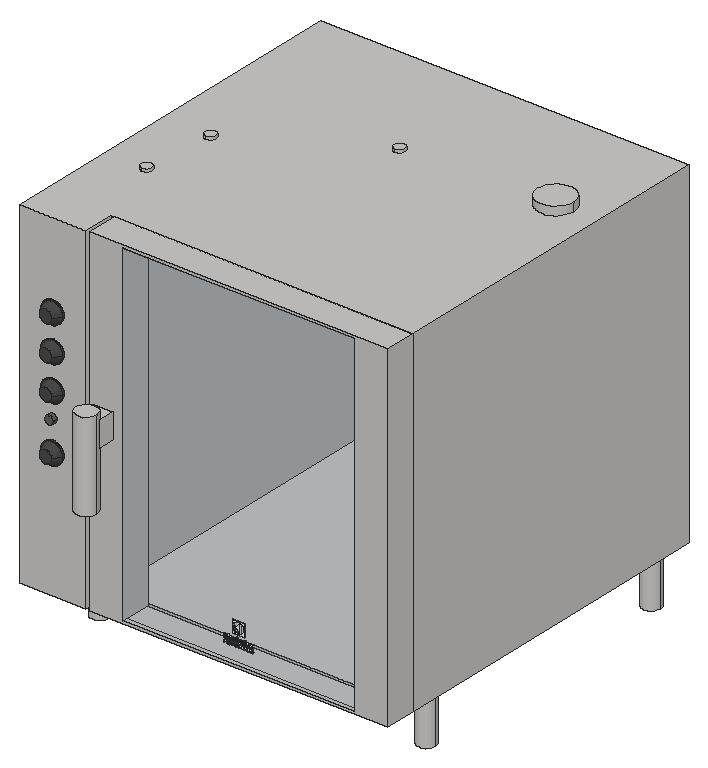
Revit family "QF_ELECTROLUXPROFESSIONAL_260691_EFCE11SSDS", category Attrezzature speciali, Revit 2018
Family settings
  Quota connettore circolare = Usa diametro
  Tipo di parte = Normale
  Basato su piano di lavoro = No
  Sempre verticale = Sì
  Taglio con vuoti quando caricato = No
  Condiviso = No
  Punto di calcolo locali = No
Parameters (values of type "Standard")
  Weight = 121.20 kg
  Watts = 17300 W
  Volts = 380 V
  URL Manufacturer = "https://www.electroluxprofessional.com/"
  URL = "https://www.electroluxprofessional.com/"
  Steam Supply Size = 0 mm
  Steam Supply Minimum Pressure = 0.0 Pa
  Steam Supply Maximum Pressure = 0.0 Pa
  Steam Consumption per Hour = 0
  Show Logo [instance] = yes
  Show Clearance [instance] = yes
  Refrigeration Suction Line Size = 0 mm
  Refrigeration Liquid Line Size = 0 mm
  Refrigerant Compressor Remote = yes
  Produttore = "Electrolux Professional"
  Phase = 3
  Modello = "EFCE11SSDS"
  Length Actual = 890 mm  # constant formula
  Item Number = "260691"
  Hot Water Size = 0 mm
  Height Actual = 970 mm  # constant formula
  HP = "23.2 HP"
  Gas Size = 0 mm
  Gas KW = 0
  Gas Input Pressure = 0 W
  Direct Waste Size = 25 mm
  Descrizione = "CONVECTION OVEN CW 10 GN 1/1 - ELECTRIC - SMART STEAM"
  Depth Actual = 900 mm  # constant formula
  Cycle = 50 Hz
  Condensate Return Size = 0 mm
  Compressed Air Volume = 0.0 L/s
  Compressed Air Size = 0 mm
  Compressed Air Pressure = 0.0 Pa
  Cold Water Size = 19.05 mm
  Accessory = yes
Types (2, lengths in mm): name | URL | Produttore | Phase | Modello | Direct Waste Size | Descrizione | Cold Water Size
  (no name) | 0 | 0 | 0 | 0 | 0 | 0 | 0
  Standard | "https://www.electroluxprofessional.com/" | "Electrolux Professional" | 3 | "EFCE11SSDS" | 25 | "CONVECTION OVEN CW 10 GN 1/1 - ELECTRIC - SMART STEAM" | 19.05
Values of the unnamed type that differ from the named types
  Weight = 0.00 kg
  Watts = 0 W
  Volts = 0 V
  URL Manufacturer = ""
  Item Number = ""
  HP = ""
  Cycle = 0 Hz
Reference planes
  plane 1 "Center X": y = 24.851
  plane 2: z = 0
  plane 3 "Center Y": x = -315
  plane 4 "LEFT": x = -760
  plane 5 "BACK": y = 479.851
  plane 6 "RIGHT": x = 130
  plane 7 "FRONT": y = -430.149
  plane 8: x = -710
  plane 9: y = 421.851
  plane 10: y = -355.149
  plane 11: x = 80
  plane 12: y = -1111.149
  plane 13: z = 130
  plane 14 "Center Z": z = 950
  plane 15: z = 0
Forms (mm)
  Extrusion 1, solid, material "QF_Finishes_Stainless Steel"
    sketch origin (0, 0, 950) x (-1, 0, 0) y (0, -1, 0)
      loop
        line (760, -479.851) -> (760, 430.149) -> (600, 430.149) -> (600, 355.149) -> (-130, 355.149) -> (-130, -479.851) -> (760, -479.851)
    from 0 to -820
  Extrusion 2, solid, material "QF_Finishes_Stainless Steel"
    sketch origin (0, -430.149, -670) x (-1, 0, 0) y (0, 0, 1)
      loop
        line (590, 1620) -> (-130, 1620) -> (-130, 800) -> (590, 800) -> (590, 1620)
      loop
        line (510, 1615) -> (-50, 1615) -> (-50, 805) -> (510, 805) -> (510, 1615)
    from 0 to 75
  Extrusion 3, solid, material "QF_Finishes_Glass"
    sketch origin (0, -430.149, -670) x (-1, 0, 0) y (0, 0, 1)
      loop
        line (-50, 1615) -> (-50, 805) -> (510, 805) -> (510, 1615) -> (-50, 1615)
    from 0 to 9.69
  Extrusion 4, solid, material "QF_Finishes_Stainless Steel"
    sketch origin (-1, -265, 955) x (0, -1, 0) y (-1, 0, 0)
      loop
        circle (-265.851, 643) r 13.25
    from 0 to 5
  Extrusion 5, solid, material "QF_Door-Drawer Clearances", visible <- "Show Clearance", detail levels coarse
    sketch origin (0, 0, 950) x (-1, 0, 0) y (0, -1, 0)
      loop
        arc (590, 430.149) -> (362.228, 910.45) -> (-130, 1111.149) r 734.22
        line (-130, 1111.149) -> (-130, 430.149) -> (590, 430.149)
    from -820 to 0
  Extrusion 6, solid, material "QF_Finishes_Black"
    sketch origin (24, -430.149, -766.676) x (-1, 0, 0) y (0, 0, 1)
      loop
        circle (704, 1512.5) r 26.676
    from 0 to -3
  Blend 7, solid, material "QF_Finishes_Black"
    base sketch origin (-21, -430.149, -766.676) x (1, 0, 0) y (0, 0, 1)
      loop
        circle (-659, 1512.5) r 25
    top sketch origin (-21, -430.149, -766.676) x (1, 0, 0) y (0, 0, 1)
      loop
        circle (-659, 1512.5) r 15
    from 3 to 21.442
  Extrusion 8, solid, material "QF_Finishes_Black"
    sketch origin (24, -430.149, -851.676) x (-1, 0, 0) y (0, 0, 1)
      loop
        circle (704, 1512.5) r 26.676
    from 0 to -3
  Blend 9, solid, material "QF_Finishes_Black"
    base sketch origin (-21, -430.149, -851.676) x (1, 0, 0) y (0, 0, 1)
      loop
        circle (-659, 1512.5) r 25
    top sketch origin (-21, -430.149, -851.676) x (1, 0, 0) y (0, 0, 1)
      loop
        circle (-659, 1512.5) r 15
    from 3 to 21.442
  Extrusion 10, solid, material "QF_Finishes_Black"
    sketch origin (24, -430.149, -936.676) x (-1, 0, 0) y (0, 0, 1)
      loop
        circle (704, 1512.5) r 26.676
    from 0 to -3
  Blend 11, solid, material "QF_Finishes_Black"
    base sketch origin (-21, -430.149, -936.676) x (1, 0, 0) y (0, 0, 1)
      loop
        circle (-659, 1512.5) r 25
    top sketch origin (-21, -430.149, -936.676) x (1, 0, 0) y (0, 0, 1)
      loop
        circle (-659, 1512.5) r 15
    from 3 to 21.442
  Extrusion 12, solid, material "QF_Finishes_Stainless Steel"
    sketch origin (-18, -437, 955) x (0, -1, 0) y (-1, 0, 0)
      loop
        circle (-265.851, 643) r 13.25
    from 0 to 5
  Extrusion 13, solid, material "QF_Finishes_Stainless Steel"
    sketch origin (309, -81, 955) x (0, -1, 0) y (-1, 0, 0)
      loop
        circle (-265.851, 643) r 13.25
    from 0 to 5
  Extrusion 14, solid, material "QF_Finishes_Stainless Steel"
    sketch origin (0, 0, 575) x (-1, 0, 0) y (0, -1, 0)
      loop
        circle (559.299, 480.149) r 25
    from -193.655 to 20
  Extrusion 15, solid, material "QF_Finishes_Stainless Steel"
    sketch origin (0, 0, 575) x (-1, 0, 0) y (0, -1, 0)
      loop
        line (534.299, 480.149) -> (534.299, 430.149) -> (584.299, 430.149) -> (584.299, 480.149)
        arc (584.299, 480.149) -> (559.299, 455.149) -> (534.299, 480.149) r 25
    from -55.026 to 5
  Extrusion 16, solid, material "QF_Finishes_Black"
    sketch origin (24, -430.149, -1071.676) x (-1, 0, 0) y (0, 0, 1)
      loop
        circle (704, 1512.5) r 26.676
    from 0 to -3
  Blend 17, solid, material "QF_Finishes_Black"
    base sketch origin (-21, -430.149, -1071.676) x (1, 0, 0) y (0, 0, 1)
      loop
        circle (-659, 1512.5) r 25
    top sketch origin (-21, -430.149, -1071.676) x (1, 0, 0) y (0, 0, 1)
      loop
        circle (-659, 1512.5) r 15
    from 3 to 21.442
  Extrusion 18, solid, material "QF_Finishes_Dark_Gray"
    sketch origin (25, -480.149, -725) x (-1, 0, 0) y (0, 0, 1)
      loop
        circle (705.941, 1240.523) r 10
    from 40 to 50
  Extrusion 19, solid, material "QF_Finishes_Stainless Steel"
    sketch origin (67.965, -53.34, 950) x (-1, 0, 0) y (0, -1, 0)
      loop
        circle (37.965, -256.191) r 43
    from 0 to 20
  Extrusion 20, void
    sketch origin (-600, -680.149, 1750) x (-1, 0, 0) y (0, 0, 1)
      loop
        line (0, -818.82) -> (-650, -818.82) -> (-650, -1610) -> (0, -1610) -> (0, -818.82)
    from 325 to 1102
Cuts and joins
  Extrusion 20 cuts Extrusion 1
Lines and regions (mm)
  Split face 1
    outline origin (-760, -430.149, 950) x (0, 0, -1) y (1, 0, 0)
      loop
        line (5, 15) -> (815, 15) -> (815, 145) -> (5, 145) -> (5, 15)
  Split face 2
    outline origin (-776.25, -430.149, 941.25) x (0, 0, -1) y (1, 0, 0)
      loop
        line (447.5, 78.5) -> (463.75, 78.5) -> (463.75, 113.5) -> (447.5, 113.5) -> (447.5, 78.5)
  Split face 3
    outline origin (30, -430.149, 135) x (1, 0, 0) y (0, 0, 1)
      loop
        line (-526.223, 92.039) -> (-375, 92.039) -> (-346.716, 120.323) -> (-260, 120.323) -> (-173.284, 120.323) -> (-145, 92.039) -> (6.223, 92.039) -> (6.223, 732.039) -> (-526.223, 732.039) -> (-526.223, 92.039)
  Split face 4
    outline origin (-760, -430.149, 950) x (0, 0, -1) y (1, 0, 0)
      loop
        line (770, 15) -> (770, 145)
  Split face 5
    outline origin (-640, -430.149, 950) x (-1, 0, 0) y (0, 0, -1)
      loop
        line (105, 50) -> (-25, 50)
  symbolic lines
    curve 1: line (-760, -430.149, 1620) -> (-760, 479.851, 1620)
    curve 2: line (-760, 479.851, 1620) -> (130, 479.851, 1620)
    curve 3: line (-600, -355.149, 1620) -> (130, -355.149, 1620)
    curve 4: line (-600, -355.149, 1620) -> (-600, -430.149, 1620)
    curve 5: line (-760, -430.149, 1620) -> (130, -430.149, 1620)
    curve 6: line (-706.676, -433.149, 1620) -> (-653.324, -433.149, 1620)
    curve 7: line (-695, -451.591, 1620) -> (-665, -451.591, 1620)
    curve 8: line (-706.676, -433.149, 1620) -> (-706.676, -430.149, 1620)
    curve 9: line (-653.324, -433.149, 1620) -> (-653.324, -430.149, 1620)
    curve 10: line (-695, -451.591, 1620) -> (-705, -433.149, 1620)
    curve 11: line (-665, -451.591, 1620) -> (-655.006, -433.149, 1620)
    curve 12: line (130, 479.851, 1620) -> (130, -430.149, 1620)
    curve 15: arc (-534.299, -480.149, 1620) -> (-559.299, -455.149, 1620) -> (-584.299, -480.149, 1620) r 25
    curve 16: arc (-584.299, -480.149, 1620) -> (-559.299, -505.149, 1620) -> (-534.299, -480.149, 1620) r 25
    curve 17: line (-534.299, -480.149, 1620) -> (-534.299, -430.149, 1620)
    curve 18: line (-584.299, -430.149, 1620) -> (-584.299, -480.149, 1620)
    curve 19: arc (73, 202.851, 1620) -> (30, 245.851, 1620) -> (-13, 202.851, 1620) r 43
    curve 20: arc (-13, 202.851, 1620) -> (30, 159.851, 1620) -> (73, 202.851, 1620) r 43
  symbolic lines, style "QF_Door-Drawer Clearances"
    curve 13: line (130, -1111.149, 1620) -> (130, -430.149, 1620)
    curve 14: arc (-590, -430.149, 1620) -> (-362.228, -910.45, 1620) -> (130, -1111.149, 1620) r 734.22
Dimensions and locks
  equal spacing: plane 4 "LEFT", plane 3 "Center Y", plane 6 "RIGHT"
  plane 4 "LEFT" to plane 6 "RIGHT" = 890 mm
  plane 5 "BACK" to plane 7 "FRONT" = 910 mm
  equal spacing: plane 5 "BACK", plane 1 "Center X", plane 7 "FRONT"
  plane 5 "BACK" to plane 12 = 1591 mm
  plane 13 to plane 15 = 130 mm
  plane 14 "Center Z" to plane 13 = 820 mm
  plane 14 "Center Z" to plane 15 = 950 mm
  aligned and locked: level to plane 2
  aligned and locked: plane 13 to nested 1
  aligned and locked: plane 13 to nested 2
  aligned and locked: plane 13 to nested 4
  aligned and locked: plane 13 to nested 3
  aligned and locked: Extrusion 1 to plane 13
  aligned and locked: Blend 7 to Extrusion 6
  aligned and locked: Blend 9 to Extrusion 8
  aligned and locked: Blend 11 to Extrusion 10
  aligned and locked: Blend 17 to Extrusion 16
Automatic sketch dimensions
  curve 15 to curve 16 = 0 mm  (x2)
  curve 19 to curve 20 = 0 mm  (x2)
  curve 14 to plane 6 "RIGHT" = 0 mm
  curve 17 to plane 7 "FRONT" = 0 mm
  curve 4 to plane 10 = 0 mm
  curve 1 to plane 4 "LEFT" = 0 mm
  curve 1 to plane 5 "BACK" = 0 mm
  curve 13 to plane 12 = 0 mm
  plane 6 "RIGHT" to curve 14 = 12.296 mm
  curve 20 to plane 11 = 50 mm
  curve 17 to plane 7 "FRONT" = 50 mm
  plane 8 to curve 17 = 175.701 mm
  curve 15 to curve 16 = 25 mm
  curve 18 to curve 4 = 15.701 mm
  curve 9 to plane 7 "FRONT" = 3 mm
  curve 4 to curve 9 = 53.324 mm
  curve 6 to curve 7 = 11.676 mm
  plane 8 to curve 7 = 15 mm
  plane 8 to curve 8 = 3.324 mm
  curve 20 to plane 1 "Center X" = 178 mm
  curve 14 to plane 10 = 21.883 mm
  curve 10 to curve 10 = 18.442 mm
  curve 19 to plane 11 = 7 mm
  curve 6 to curve 11 = 1.682 mm
  curve 10 to curve 6 = 1.676 mm
  Extrusion 1 sketch curve to plane 5 "BACK" = 0 mm
  Extrusion 1 sketch curve to plane 6 "RIGHT" = 0 mm
  Extrusion 1 sketch curve to plane 10 = 0 mm
  Extrusion 1 sketch curve to plane 7 "FRONT" = 0 mm
  Extrusion 1 sketch curve to plane 4 "LEFT" = 0 mm
  plane 8 to Extrusion 1 sketch curve = 110 mm
  Extrusion 2 sketch curve to plane 6 "RIGHT" = 0 mm
  Extrusion 2 sketch curve to plane 13 = 0 mm
  Extrusion 2 sketch curve to plane 14 "Center Z" = 0 mm
  plane 13 to Extrusion 2 sketch curve = 5 mm
  Extrusion 2 sketch curve to plane 11 = 30 mm
  Extrusion 2 sketch curve to plane 14 "Center Z" = 5 mm
  Extrusion 2 sketch curve to plane 3 "Center Y" = 195 mm
  Extrusion 2 sketch curve to Extrusion 2 sketch curve = 80 mm
  plane 13 to Extrusion 3 sketch curve = 5 mm
  Extrusion 3 sketch curve to plane 11 = 30 mm
  Extrusion 3 sketch curve to plane 3 "Center Y" = 195 mm  (x2)
  Extrusion 3 sketch curve to plane 14 "Center Z" = 5 mm
  plane 1 "Center X" to Extrusion 4 sketch curve = 24 mm
  plane 8 to Extrusion 4 sketch curve = 66 mm
  Extrusion 5 sketch curve to plane 6 "RIGHT" = 0 mm
  Extrusion 5 sketch curve to plane 7 "FRONT" = 0 mm
  Extrusion 5 sketch curve to plane 12 = 0 mm
  plane 6 "RIGHT" to Extrusion 5 sketch curve = 12.296 mm
  plane 8 to Extrusion 5 sketch curve = 120 mm
  Split face 1 sketch curve to Extrusion 1 = 5 mm  (x2)
  Split face 1 sketch curve to Extrusion 1 = 15 mm  (x2)
  plane 8 to Extrusion 6 sketch curve = 30 mm
  Extrusion 2 to Blend 7 sketch curve = 90 mm  (x2)
  Extrusion 2 to Blend 7 sketch curve = 199.176 mm  (x2)
  plane 8 to Extrusion 8 sketch curve = 30 mm
  Extrusion 2 to Blend 9 sketch curve = 90 mm  (x2)
  Extrusion 2 to Blend 9 sketch curve = 284.176 mm  (x2)
  plane 8 to Extrusion 10 sketch curve = 30 mm
  Extrusion 2 to Blend 11 sketch curve = 90 mm  (x2)
  Extrusion 2 to Blend 11 sketch curve = 369.176 mm  (x2)
  Split face 2 sketch curve to Extrusion 1 = 62.75 mm
  Split face 2 sketch curve to Extrusion 1 = 363.75 mm
  Split face 2 sketch curve to Split face 2 sketch curve = 16.25 mm
  Split face 2 sketch curve to Split face 2 sketch curve = 35 mm
  plane 8 to Extrusion 12 sketch curve = 49 mm
  plane 10 to Extrusion 12 sketch curve = 184 mm
  Extrusion 13 sketch curve to plane 3 "Center Y" = 19 mm
  Extrusion 13 sketch curve to plane 1 "Center X" = 160 mm
  Extrusion 14 sketch curve to plane 7 "FRONT" = 50 mm
  plane 8 to Extrusion 14 sketch curve = 150.701 mm
  Extrusion 15 sketch curve to plane 7 "FRONT" = 0 mm
  plane 8 to Extrusion 15 sketch curve = 175.701 mm
  Extrusion 15 sketch curve to Extrusion 15 sketch curve = 25 mm
  Extrusion 15 sketch curve to plane 7 "FRONT" = 50 mm
  Split face 3 sketch curve to Extrusion 3 = 13.777 mm  (x2)
  Split face 3 sketch curve to Split face 3 sketch curve = 151.223 mm
  Split face 3 sketch curve to Split face 3 sketch curve = 28.284 mm  (x3)
  Split face 3 sketch curve to Split face 3 sketch curve = 86.716 mm  (x2)
  Split face 3 sketch curve to Extrusion 3 = 92.039 mm  (x2)
  Split face 3 sketch curve to Extrusion 3 = 77.961 mm
  Split face 4 sketch curve to Extrusion 1 = 15 mm  (x2)
  Split face 4 sketch curve to Extrusion 1 = 50 mm
  plane 8 to Extrusion 16 sketch curve = 30 mm
  Extrusion 2 to Blend 17 sketch curve = 90 mm  (x2)
  Extrusion 2 to Blend 17 sketch curve = 305.824 mm  (x2)
  plane 8 to Extrusion 18 sketch curve = 29.059 mm
  Extrusion 19 sketch curve to plane 11 = 50 mm
  Extrusion 19 sketch curve to plane 1 "Center X" = 178 mm
  Split face 5 sketch curve to Extrusion 1 = 15 mm  (x2)
  Split face 5 sketch curve to Extrusion 1 = 50 mm
  plane 13 to Extrusion 16 sketch curve = 310.824 mm
  Extrusion 6 sketch curve to plane 14 "Center Z" = 204.176 mm
  Extrusion 8 sketch curve to plane 14 "Center Z" = 289.176 mm
  Extrusion 10 sketch curve to plane 14 "Center Z" = 374.176 mm
  plane 13 to Extrusion 18 sketch curve = 385.523 mm
  Extrusion 20 sketch curve to plane 11 = 30 mm
  plane 13 to Extrusion 20 sketch curve = 10 mm
  plane 8 to Extrusion 20 sketch curve = 110 mm
  Extrusion 20 sketch curve to plane 14 "Center Z" = 18.82 mm
  radius of Extrusion 4 sketch curve = 13.25 mm
  radius of Extrusion 6 sketch curve = 26.676 mm
  radius of Blend 7 sketch curve = 25 mm
  radius of Blend 7 sketch curve = 15 mm
  radius of Extrusion 8 sketch curve = 26.676 mm
  radius of Blend 9 sketch curve = 25 mm
  radius of Blend 9 sketch curve = 15 mm
  radius of Extrusion 10 sketch curve = 26.676 mm
  radius of Blend 11 sketch curve = 25 mm
  radius of Blend 11 sketch curve = 15 mm
  radius of Extrusion 12 sketch curve = 13.25 mm
  radius of Extrusion 13 sketch curve = 13.25 mm
  radius of Extrusion 14 sketch curve = 25 mm
  radius of Extrusion 16 sketch curve = 26.676 mm
  radius of Blend 17 sketch curve = 25 mm
  radius of Blend 17 sketch curve = 15 mm
  radius of Extrusion 18 sketch curve = 10 mm
  radius of Extrusion 19 sketch curve = 43 mm
Nested families
  nested 1: "Foot" at (-710, -250.149, 0), type "Foot"
    with Ø 22 mm, H 130 mm
  nested 2: "Foot" at (80, -250.149, 0), type "Foot"
    with Ø 22 mm, H 130 mm
  nested 3: "Foot" at (80, 429.851, 0), type "Foot"
    with Ø 22 mm, H 130 mm
  nested 4: "Foot" at (-710, 429.851, 0), type "Foot"
    with Ø 22 mm, H 130 mm
  nested 5: "ELX_Pro_Logo" at (-230, -430.149, 201.012) x (1, 0, 0) z (0, -1, 0), type "ELX_Pro_Logo"
Connectors
  piping at (-334, 184.851, 955), diameter 26.4
    settings: on Extrusion 13, index 6, connector inside diameter 609.6 mm, connector length 0 mm, flow factor 0, pipe flow 0.0 L/s, pressure drop 0.0 Pa, fitting loss kfactor 0, connector angle 0.00°, fixture units 0, engagement length 0 mm, angle of deflection 0.00°, flow configuration 0, flow direction 0, fitting loss method 0, system type 16, joint type 0, gender type 0, connector reference index -1, connector utility 0, adjustable connector no, is connector primary yes, connector description ""
  electrical at (-661, -171.149, 955)
    settings: on Extrusion 12, index 7, voltage 0 V, apparent load 0 VA, apparent load phase1 0 VA, apparent load phase2 0 VA, apparent load phase3 0 VA, power factor 1, load classification "Altro", number of poles 1, system type 30, power factor state 1, is connector primary yes, connector utility no, sub classification motor no, connector description ""
  piping at (-644, 0.851, 955), diameter 19.05, driven by "Cold Water Size"
    settings: on Extrusion 4, index 8, connector inside diameter 609.6 mm, connector length 0 mm, flow factor 0, pipe flow 0.0 L/s, pressure drop 0.0 Pa, fitting loss kfactor 0, connector angle 0.00°, fixture units 0, engagement length 0 mm, angle of deflection 0.00°, flow configuration 0, flow direction 0, fitting loss method 0, system type 20, joint type 0, gender type 0, connector reference index -1, connector utility 0, adjustable connector no, is connector primary no, connector description "Cold Water Inlet"
Definition of nested family "Foot"
  Parameters
    Ø [instance] = 20 mm
    H [instance] = 50 mm
  Reference planes
    plane 1 "Centro (Fronte/Retro)": y = 0
    plane 2: z = 0
    plane 3 "Centro (Sinistra/Destra)": x = 0
    plane 4: z = 50
  Forms (mm)
    Revolve 1, solid
      sketch origin (255.05, 0, 608.09) x (0, 0, 1) y (-1, 0, 0)
        loop
          line (-608.09, 255.05) -> (-608.09, 235.05) -> (-558.09, 235.05) -> (-558.09, 255.05) -> (-608.09, 255.05)
        axis (-608.09, 255.05) -> (-558.09, 255.05)
      angle from 0 to 360
  Dimensions and locks
    "H": plane 4 to plane 2
    "Ø": Revolve 1 sketch curve to Revolve 1 sketch curve
    aligned and locked: level to plane 2
    aligned and locked: plane 4 to Revolve 1 sketch curve
    aligned and locked: Revolve 1 sketch curve to level
    aligned and locked: plane 3 "Centro (Sinistra/Destra)" to Revolve 1 sketch curve
  Automatic sketch dimensions
    Revolve 1 sketch curve to plane 3 "Centro (Sinistra/Destra)" = 0 mm
    Revolve 1 sketch curve to Revolve 1 sketch curve = 50 mm
    Revolve 1 sketch curve to Revolve 1 sketch curve = 20 mm
Definition of nested family "ELX_Pro_Logo"
  Parameters (values of type "ELX_Pro_Logo")
    M = none
    Default Elevation = 0 mm
  Reference planes
    plane 1 "Centro (Fronte/Retro)": y = 0
    plane 2: z = 0
    plane 3 "Centro (Sinistra/Destra)": x = 0
  Forms (mm)
    Extrusion 1, solid
      sketch origin (0, 0, 0) x (1, 0, 0) y (0, 1, 0)
        loop
          line (-1219.2, 1219.2) -> (-1219.2, -1219.2) -> (1219.2, -1219.2) -> (1219.2, 1219.2) -> (-1219.2, 1219.2)
      from 0 to -304.8
    Extrusion 2, solid, material <- "M"
      sketch origin (-144.622, -1081.55, 0) x (-1, 0, 0) y (0, -1, 0)
        loop
          line (-111.329, -1069.559) -> (-111.329, -1071.073) -> (-116.048, -1071.073) -> (-116.048, -1072.896) -> (-111.328, -1072.896) -> (-111.328, -1075.549) -> (-116.349, -1075.549) -> (-116.349, -1077.368) -> (-109.396, -1077.368) -> (-109.396, -1073.46) -> (-109.396, -1069.659)
          arc (-109.396, -1069.659) -> (-110.425, -1067.175) -> (-112.909, -1066.146) r 3.513
          line (-112.909, -1066.146) -> (-116.483, -1066.146) -> (-116.483, -1067.963) -> (-112.925, -1067.963)
          arc (-112.925, -1067.963) -> (-111.797, -1068.431) -> (-111.329, -1069.559) r 1.596
        loop
          line (-119.79, -1077.358) -> (-117.856, -1077.358) -> (-117.856, -1072.053) -> (-117.856, -1066.132) -> (-119.79, -1066.132) -> (-119.79, -1072.092) -> (-119.79, -1077.358)
        loop
          line (-122.986, -1069.718) -> (-129.327, -1069.718)
          arc (-129.327, -1069.718) -> (-129.219, -1071.449) -> (-128.497, -1073.026) r 4.757
          arc (-128.497, -1073.026) -> (-125.237, -1074.5) -> (-121.978, -1073.026) r 4.34
          arc (-121.978, -1073.026) -> (-121.072, -1070.207) -> (-121.978, -1067.388) r 4.838
          arc (-121.978, -1067.388) -> (-125.393, -1065.933) -> (-128.809, -1067.388) r 4.737
          line (-128.809, -1067.388) -> (-127.645, -1068.52)
          arc (-127.645, -1068.52) -> (-125.509, -1067.576) -> (-123.374, -1068.52) r 2.888
          arc (-123.374, -1068.52) -> (-123.05, -1069.077) -> (-122.986, -1069.718) r 1.527
        loop
          arc (-127.386, -1071.076) -> (-126.67, -1072.331) -> (-125.331, -1072.872) r 2.201
          arc (-125.331, -1072.872) -> (-123.848, -1072.402) -> (-123.033, -1071.076) r 2.23
          line (-123.033, -1071.076) -> (-127.386, -1071.076)
        loop
          line (-136.862, -1071.886) -> (-138.059, -1073.132)
          arc (-138.059, -1073.132) -> (-130.327, -1070.219) -> (-138.059, -1067.306) r 4.415
          line (-138.059, -1067.306) -> (-136.862, -1068.553)
          arc (-136.862, -1068.553) -> (-132.252, -1070.22) -> (-136.862, -1071.886) r 2.606
        loop
          line (-141.192, -1069.673) -> (-141.192, -1072.494) -> (-142.951, -1072.494) -> (-142.951, -1074.25) -> (-141.195, -1074.25) -> (-141.195, -1077.358) -> (-139.262, -1077.358) -> (-139.262, -1073.332) -> (-139.262, -1069.514)
          arc (-139.262, -1069.514) -> (-140.299, -1066.92) -> (-142.98, -1066.132) r 3.196
          line (-142.98, -1066.132) -> (-142.987, -1067.949)
          arc (-142.987, -1067.949) -> (-141.652, -1068.356) -> (-141.192, -1069.673) r 1.542
        loop
          line (-146.494, -1073.042) -> (-146.494, -1074.25) -> (-144.576, -1074.25) -> (-144.576, -1070.271) -> (-144.576, -1066.132) -> (-146.494, -1066.132) -> (-146.494, -1070.401)
          arc (-146.494, -1070.401) -> (-147.446, -1072.228) -> (-149.489, -1072.494) r 2.229
          line (-149.489, -1072.494) -> (-149.489, -1074.362)
          arc (-149.489, -1074.362) -> (-147.761, -1074.226) -> (-146.494, -1073.042) r 2.627
        loop
          line (-159.833, -1072.246) -> (-159.833, -1066.131) -> (-161.767, -1066.131) -> (-161.767, -1072.17) -> (-161.767, -1077.359) -> (-159.833, -1077.359) -> (-159.833, -1072.246)
        loop
          line (-165.194, -1069.514) -> (-165.194, -1074.25) -> (-163.245, -1074.25) -> (-163.245, -1071.898) -> (-163.245, -1069.098)
          arc (-163.245, -1069.098) -> (-166.96, -1065.769) -> (-170.687, -1069.085) r 3.745
          line (-170.687, -1069.085) -> (-170.687, -1071.898) -> (-170.687, -1074.25) -> (-168.739, -1074.25) -> (-168.739, -1069.514)
          arc (-168.739, -1069.514) -> (-166.967, -1067.742) -> (-165.194, -1069.514) r 1.772
        loop
          line (-174.654, -1070.416) -> (-172.975, -1068.078) -> (-171.578, -1066.131) -> (-173.656, -1066.131) -> (-175.717, -1068.999) -> (-177.779, -1066.131) -> (-179.857, -1066.131) -> (-178, -1068.728) -> (-176.781, -1070.433) -> (-178.29, -1072.488) -> (-179.583, -1074.25) -> (-177.473, -1074.25) -> (-175.717, -1071.818) -> (-173.945, -1074.25) -> (-171.852, -1074.25) -> (-173.052, -1072.608) -> (-174.654, -1070.416)
        loop
          circle (-154.223, -1070.188) r 2.508
        loop
          circle (-154.223, -1070.188) r 4.42
        loop
          line (-110.224, -1058.542) -> (-111.194, -1058.542)
          arc (-111.194, -1058.542) -> (-112.217, -1059.95) -> (-110.924, -1061.114) r 1.3
          line (-110.924, -1061.114) -> (-109.424, -1061.114) -> (-109.424, -1057.223) -> (-110.224, -1057.223) -> (-110.224, -1058.542)
        loop
          line (-110.224, -1060.379) -> (-110.224, -1059.293) -> (-111.03, -1059.293)
          arc (-111.03, -1059.293) -> (-111.43, -1059.836) -> (-111.03, -1060.379) r 0.569
          line (-111.03, -1060.379) -> (-110.224, -1060.379)
        loop
          line (-116.302, -1058.564) -> (-117.128, -1058.564) -> (-117.934, -1057.223) -> (-118.841, -1057.223) -> (-117.833, -1058.884)
          arc (-117.833, -1058.884) -> (-118.214, -1060.282) -> (-117.028, -1061.114) r 1.26
          line (-117.028, -1061.114) -> (-115.503, -1061.114) -> (-115.503, -1057.223) -> (-116.302, -1057.223) -> (-116.302, -1058.564)
        loop
          line (-116.302, -1060.379) -> (-116.302, -1059.293) -> (-117.109, -1059.293)
          arc (-117.109, -1059.293) -> (-117.508, -1059.836) -> (-117.109, -1060.379) r 0.569
          line (-117.109, -1060.379) -> (-116.302, -1060.379)
        loop
          line (-128.923, -1057.223) -> (-129.723, -1057.223) -> (-129.723, -1058.714) -> (-131.187, -1058.714) -> (-131.187, -1059.514) -> (-129.723, -1059.514) -> (-129.723, -1060.314) -> (-131.327, -1060.314) -> (-131.327, -1061.114) -> (-128.923, -1061.114) -> (-128.923, -1057.223)
        loop
          arc (-134.628, -1058.469) -> (-134.992, -1057.588) -> (-135.874, -1057.223) r 1.246
          line (-135.874, -1057.223) -> (-137.13, -1057.223) -> (-137.13, -1058.023) -> (-135.969, -1058.023)
          arc (-135.969, -1058.023) -> (-135.53, -1058.237) -> (-135.427, -1058.714) r 0.558
          line (-135.427, -1058.714) -> (-136.984, -1058.714) -> (-136.984, -1059.514) -> (-135.427, -1059.514) -> (-135.427, -1060.314) -> (-137.092, -1060.314) -> (-137.092, -1061.114) -> (-134.628, -1061.114) -> (-134.628, -1058.469)
        loop
          line (-152.3, -1057.223) -> (-153.1, -1057.223) -> (-153.1, -1061.114) -> (-152.3, -1061.114) -> (-152.3, -1057.223)
        loop
          line (-164.67, -1057.223) -> (-164.67, -1059.67) -> (-166.45, -1057.223) -> (-167.25, -1057.223) -> (-167.25, -1061.114) -> (-166.42, -1061.114) -> (-166.42, -1058.594) -> (-164.64, -1061.114) -> (-163.84, -1061.114) -> (-163.84, -1057.223) -> (-164.67, -1057.223)
        loop
          line (-170.403, -1057.223) -> (-171.262, -1057.223) -> (-171.641, -1058.063) -> (-173.08, -1058.063) -> (-173.459, -1057.223) -> (-174.317, -1057.223) -> (-172.796, -1061.113) -> (-171.996, -1061.113) -> (-170.403, -1057.223)
        loop
          line (-177.493, -1057.223) -> (-179.789, -1057.223) -> (-179.789, -1058.023) -> (-178.293, -1058.023) -> (-178.293, -1061.114) -> (-177.493, -1061.114) -> (-177.493, -1057.223)
        loop
          line (-172.362, -1059.848) -> (-171.945, -1058.83) -> (-172.76, -1058.83) -> (-172.362, -1059.848)
        loop
          circle (-158.484, -1059.145) r 1.288
        loop
          circle (-158.484, -1059.145) r 2.065
        loop
          arc (-146.04, -1058.095) -> (-146.933, -1057.275) -> (-148.145, -1057.245) r 1.725
          arc (-148.145, -1057.245) -> (-148.965, -1058.02) -> (-148.68, -1059.111) r 1.107
          arc (-148.68, -1059.111) -> (-148.103, -1059.465) -> (-147.486, -1059.746) r 5.523
          arc (-147.486, -1059.746) -> (-147.147, -1060.262) -> (-147.708, -1060.52) r 0.407
          arc (-147.708, -1060.52) -> (-148.045, -1060.315) -> (-148.325, -1060.038) r 1.702
          line (-148.325, -1060.038) -> (-149.011, -1060.45)
          arc (-149.011, -1060.45) -> (-148.578, -1060.911) -> (-148.043, -1061.247) r 2.463
          arc (-148.043, -1061.247) -> (-146.373, -1060.466) -> (-147.42, -1058.949) r 1.207
          spline (-147.42, -1058.949) -> (-147.716, -1058.809) -> (-147.932, -1058.678) -> (-148.077, -1058.557) -> (-148.163, -1058.446) -> (-148.198, -1058.347) -> (-148.192, -1058.258) -> (-148.157, -1058.182) -> (-148.102, -1058.118) -> (-148.037, -1058.068) -> (-147.972, -1058.031) -> (-147.917, -1058.008) -> (-147.883, -1058)
          arc (-147.883, -1058) -> (-147.238, -1058.014) -> (-146.759, -1058.446) r 0.925
          line (-146.759, -1058.446) -> (-146.04, -1058.095)
        loop
          arc (-140.18, -1058.095) -> (-141.073, -1057.275) -> (-142.285, -1057.245) r 1.725
          arc (-142.285, -1057.245) -> (-143.106, -1058.02) -> (-142.821, -1059.111) r 1.107
          arc (-142.821, -1059.111) -> (-142.243, -1059.465) -> (-141.627, -1059.746) r 5.523
          arc (-141.627, -1059.746) -> (-141.287, -1060.262) -> (-141.849, -1060.52) r 0.407
          arc (-141.849, -1060.52) -> (-142.185, -1060.315) -> (-142.466, -1060.038) r 1.702
          line (-142.466, -1060.038) -> (-143.151, -1060.45)
          arc (-143.151, -1060.45) -> (-142.719, -1060.911) -> (-142.183, -1061.247) r 2.463
          arc (-142.183, -1061.247) -> (-140.513, -1060.466) -> (-141.56, -1058.949) r 1.207
          spline (-141.56, -1058.949) -> (-141.856, -1058.809) -> (-142.072, -1058.678) -> (-142.218, -1058.557) -> (-142.303, -1058.446) -> (-142.338, -1058.347) -> (-142.333, -1058.258) -> (-142.298, -1058.182) -> (-142.242, -1058.118) -> (-142.177, -1058.068) -> (-142.112, -1058.031) -> (-142.057, -1058.008) -> (-142.023, -1058)
          arc (-142.023, -1058) -> (-141.378, -1058.014) -> (-140.9, -1058.446) r 0.925
          line (-140.9, -1058.446) -> (-140.18, -1058.095)
        loop
          circle (-123.484, -1059.145) r 1.288
        loop
          circle (-123.484, -1059.145) r 2.065
        loop
          line (-130.225, -1113.361) -> (-130.225, -1084.645) -> (-158.979, -1084.645) -> (-158.979, -1113.361) -> (-130.225, -1113.361)
        loop
          arc (-148.442, -1086.055) -> (-157.992, -1098.973) -> (-148.442, -1111.892) r 13.512
          line (-148.442, -1111.892) -> (-148.442, -1086.055)
        loop
          line (-147.127, -1086.055) -> (-147.127, -1087.926)
          arc (-147.127, -1087.926) -> (-143.116, -1095.125) -> (-135.48, -1098.224) r 12.412
          line (-135.48, -1098.224) -> (-131.205, -1098.224)
          arc (-131.205, -1098.224) -> (-136.382, -1088.497) -> (-147.127, -1086.055) r 13.242
        loop
          line (-147.127, -1110.021) -> (-147.127, -1112.224)
          arc (-147.127, -1112.224) -> (-136.374, -1109.53) -> (-131.205, -1099.722) r 13.588
          line (-131.205, -1099.722) -> (-135.48, -1099.722)
          arc (-135.48, -1099.722) -> (-143.116, -1102.822) -> (-147.127, -1110.021) r 12.412
      from 0 to 1.6
  Lines and regions (mm)
    symbolic lines
      curve 1: line (-14.357, 31.811, 0) -> (14.357, 31.811, 0)
      curve 2: line (-14.357, 3.095, 0) -> (-14.357, 31.811, 0)
      curve 3: line (14.357, 3.095, 0) -> (-14.357, 3.095, 0)
      curve 4: line (14.357, 31.811, 0) -> (14.357, 3.095, 0)
      curve 5: line (-8.32, 7.722, 0) -> (-9.387, 8.738, 0)
      curve 6: line (-9.387, 8.738, 0) -> (-10.331, 9.866, 0)
      curve 7: line (-10.331, 9.866, 0) -> (-11.141, 11.095, 0)
      curve 8: line (-11.141, 11.095, 0) -> (-11.805, 12.411, 0)
      curve 9: line (-11.805, 12.411, 0) -> (-12.31, 13.803, 0)
      curve 10: line (-12.31, 13.803, 0) -> (-12.646, 15.26, 0)
      curve 11: line (-12.646, 15.26, 0) -> (-12.8, 16.77, 0)
      curve 12: line (-12.8, 16.77, 0) -> (-10.081, 16.77, 0)
      curve 13: line (-10.081, 16.77, 0) -> (-8.466, 16.661, 0)
      curve 14: line (-8.466, 16.661, 0) -> (-6.88, 16.344, 0)
      curve 15: line (-6.88, 16.344, 0) -> (-5.345, 15.833, 0)
      curve 16: line (-5.345, 15.833, 0) -> (-3.882, 15.143, 0)
      curve 17: line (-3.882, 15.143, 0) -> (-2.511, 14.288, 0)
      curve 18: line (-2.511, 14.288, 0) -> (-1.255, 13.283, 0)
      curve 19: line (-1.255, 13.283, 0) -> (-0.135, 12.143, 0)
      curve 20: line (-0.135, 12.143, 0) -> (0.83, 10.882, 0)
      curve 21: line (0.83, 10.882, 0) -> (1.616, 9.515, 0)
      curve 22: arc (1.616, 9.515, 0) -> (2.419, 7.28, 0) -> (2.7, 4.923, 0) r 10.532
      curve 23: arc (2.7, 4.923, 0) -> (1.362, 4.715, 0) -> (0.011, 4.633, 0) r 14.39
      curve 24: line (0.011, 4.633, 0) -> (-1.56, 4.731, 0)
      curve 25: line (-1.56, 4.731, 0) -> (-3.062, 5.011, 0)
      curve 26: line (-3.062, 5.011, 0) -> (-4.502, 5.462, 0)
      curve 27: line (-4.502, 5.462, 0) -> (-5.866, 6.072, 0)
      curve 28: line (-5.866, 6.072, 0) -> (-7.142, 6.829, 0)
      curve 29: line (-7.142, 6.829, 0) -> (-8.32, 7.722, 0)
      curve 30: line (-10.802, 24.24, 0) -> (-9.872, 25.531, 0)
      curve 31: line (-9.872, 25.531, 0) -> (-8.796, 26.699, 0)
      curve 32: line (-8.796, 26.699, 0) -> (-7.587, 27.728, 0)
      curve 33: line (-7.587, 27.728, 0) -> (-6.258, 28.602, 0)
      curve 34: line (-6.258, 28.602, 0) -> (-4.823, 29.309, 0)
      curve 35: line (-4.823, 29.309, 0) -> (-3.293, 29.832, 0)
      curve 36: line (-3.293, 29.832, 0) -> (-1.683, 30.156, 0)
      curve 37: arc (-1.683, 30.156, 0) -> (0.517, 30.256, 0) -> (2.702, 29.984, 0) r 13.008
      curve 38: arc (2.702, 29.984, 0) -> (2.453, 27.616, 0) -> (1.617, 25.387, 0) r 9.395
      curve 39: line (1.617, 25.387, 0) -> (0.83, 24.018, 0)
      curve 40: line (0.83, 24.018, 0) -> (-0.134, 22.756, 0)
      curve 41: line (-0.134, 22.756, 0) -> (-1.255, 21.615, 0)
      curve 42: line (-1.255, 21.615, 0) -> (-2.512, 20.609, 0)
      curve 43: line (-2.512, 20.609, 0) -> (-3.882, 19.754, 0)
      curve 44: line (-3.882, 19.754, 0) -> (-5.346, 19.063, 0)
      curve 45: line (-5.346, 19.063, 0) -> (-6.881, 18.551, 0)
      curve 46: line (-6.881, 18.551, 0) -> (-8.467, 18.234, 0)
      curve 47: line (-8.467, 18.234, 0) -> (-10.083, 18.125, 0)
      curve 48: line (-10.083, 18.125, 0) -> (-12.798, 18.125, 0)
      curve 49: line (-12.798, 18.125, 0) -> (-12.584, 19.768, 0)
      curve 50: line (-12.584, 19.768, 0) -> (-12.171, 21.343, 0)
      curve 51: line (-12.171, 21.343, 0) -> (-11.572, 22.839, 0)
      curve 52: line (-11.572, 22.839, 0) -> (-10.802, 24.24, 0)
      curve 53: line (4.048, 5.294, 0) -> (4.048, 29.617, 0)
      curve 54: line (4.048, 29.617, 0) -> (5.525, 29.026, 0)
      curve 55: line (5.525, 29.026, 0) -> (6.905, 28.26, 0)
      curve 56: line (6.905, 28.26, 0) -> (8.174, 27.332, 0)
      curve 57: line (8.174, 27.332, 0) -> (9.318, 26.256, 0)
      curve 58: line (9.318, 26.256, 0) -> (10.323, 25.046, 0)
      curve 59: line (10.323, 25.046, 0) -> (11.177, 23.715, 0)
      curve 60: line (11.177, 23.715, 0) -> (11.865, 22.277, 0)
      curve 61: line (11.865, 22.277, 0) -> (12.375, 20.746, 0)
      curve 62: line (12.375, 20.746, 0) -> (12.693, 19.135, 0)
      curve 63: line (12.693, 19.135, 0) -> (12.804, 17.459, 0)
      curve 64: line (12.804, 17.459, 0) -> (12.702, 15.807, 0)
      curve 65: line (12.702, 15.807, 0) -> (12.396, 14.216, 0)
      curve 66: line (12.396, 14.216, 0) -> (11.897, 12.7, 0)
      curve 67: line (11.897, 12.7, 0) -> (11.218, 11.271, 0)
      curve 68: line (11.218, 11.271, 0) -> (10.372, 9.944, 0)
      curve 69: line (10.372, 9.944, 0) -> (9.37, 8.731, 0)
      curve 70: line (9.37, 8.731, 0) -> (8.224, 7.646, 0)
      curve 71: line (8.224, 7.646, 0) -> (6.947, 6.703, 0)
      curve 72: line (6.947, 6.703, 0) -> (5.551, 5.914, 0)
      curve 73: line (5.551, 5.914, 0) -> (4.048, 5.294, 0)
      curve 74: line (-35.227, -8.09, 0) -> (-35.227, -11.891, 0)
      curve 75: arc (-35.227, -11.891, 0) -> (-34.198, -14.375, 0) -> (-31.714, -15.404, 0) r 3.513
      curve 76: line (-31.714, -15.404, 0) -> (-28.139, -15.404, 0)
      curve 77: line (-28.139, -15.404, 0) -> (-28.139, -13.587, 0)
      curve 78: line (-28.139, -13.587, 0) -> (-31.697, -13.587, 0)
      curve 79: arc (-31.697, -13.587, 0) -> (-32.826, -13.119, 0) -> (-33.293, -11.991, 0) r 1.596
      curve 80: line (-33.293, -11.991, 0) -> (-33.293, -10.477, 0)
      curve 81: line (-33.293, -10.477, 0) -> (-28.574, -10.477, 0)
      curve 82: line (-28.574, -10.477, 0) -> (-28.574, -8.654, 0)
      curve 83: line (-28.574, -8.654, 0) -> (-33.294, -8.654, 0)
      curve 84: line (-33.294, -8.654, 0) -> (-33.294, -6.001, 0)
      curve 85: line (-33.294, -6.001, 0) -> (-28.273, -6.001, 0)
      curve 86: line (-28.273, -6.001, 0) -> (-28.273, -4.182, 0)
      curve 87: line (-28.273, -4.182, 0) -> (-35.227, -4.182, 0)
      curve 88: line (-35.227, -4.182, 0) -> (-35.227, -8.09, 0)
      curve 89: line (-24.833, -9.458, 0) -> (-24.833, -4.192, 0)
      curve 90: line (-24.833, -4.192, 0) -> (-26.766, -4.192, 0)
      curve 91: line (-26.766, -4.192, 0) -> (-26.766, -9.497, 0)
      curve 92: line (-26.766, -9.497, 0) -> (-26.766, -15.418, 0)
      curve 93: line (-26.766, -15.418, 0) -> (-24.833, -15.418, 0)
      curve 94: line (-24.833, -15.418, 0) -> (-24.833, -9.458, 0)
      curve 95: arc (-16.125, -8.524, 0) -> (-19.385, -7.05, 0) -> (-22.645, -8.524, 0) r 4.34
      curve 96: arc (-22.645, -8.524, 0) -> (-23.551, -11.343, 0) -> (-22.645, -14.162, 0) r 4.838
      curve 97: arc (-22.645, -14.162, 0) -> (-19.229, -15.617, 0) -> (-15.813, -14.162, 0) r 4.737
      curve 98: line (-15.813, -14.162, 0) -> (-16.978, -13.03, 0)
      curve 99: arc (-16.978, -13.03, 0) -> (-19.113, -13.974, 0) -> (-21.249, -13.03, 0) r 2.888
      curve 100: arc (-21.249, -13.03, 0) -> (-21.572, -12.473, 0) -> (-21.637, -11.832, 0) r 1.527
      curve 101: line (-21.637, -11.832, 0) -> (-15.295, -11.832, 0)
      curve 102: arc (-15.295, -11.832, 0) -> (-15.404, -10.101, 0) -> (-16.125, -8.524, 0) r 4.757
      curve 103: line (-17.236, -10.474, 0) -> (-21.589, -10.474, 0)
      curve 104: arc (-21.589, -10.474, 0) -> (-20.774, -9.148, 0) -> (-19.291, -8.678, 0) r 2.23
      curve 105: arc (-19.291, -8.678, 0) -> (-17.952, -9.219, 0) -> (-17.236, -10.474, 0) r 2.201
      curve 106: arc (-6.563, -8.418, 0) -> (-14.295, -11.331, 0) -> (-6.563, -14.244, 0) r 4.415
      curve 107: line (-6.563, -14.244, 0) -> (-7.761, -12.997, 0)
      curve 108: arc (-7.761, -12.997, 0) -> (-12.371, -11.33, 0) -> (-7.761, -9.664, 0) r 2.606
      curve 109: line (-7.761, -9.664, 0) -> (-6.563, -8.418, 0)
      curve 110: line (-5.361, -4.192, 0) -> (-5.361, -8.218, 0)
      curve 111: line (-5.361, -8.218, 0) -> (-5.361, -12.036, 0)
      curve 112: arc (-5.361, -12.036, 0) -> (-4.323, -14.63, 0) -> (-1.642, -15.418, 0) r 3.196
      curve 113: line (-1.642, -15.418, 0) -> (-1.636, -13.601, 0)
      curve 114: arc (-1.636, -13.601, 0) -> (-2.97, -13.194, 0) -> (-3.43, -11.877, 0) r 1.542
      curve 115: line (-3.43, -11.877, 0) -> (-3.43, -9.056, 0)
      curve 116: line (-3.43, -9.056, 0) -> (-1.672, -9.056, 0)
      curve 117: line (-1.672, -9.056, 0) -> (-1.672, -7.299, 0)
      curve 118: line (-1.672, -7.299, 0) -> (-3.427, -7.299, 0)
      curve 119: line (-3.427, -7.299, 0) -> (-3.427, -4.192, 0)
      curve 120: line (-3.427, -4.192, 0) -> (-5.361, -4.192, 0)
      curve 121: line (1.872, -7.3, 0) -> (-0.046, -7.3, 0)
      curve 122: line (-0.046, -7.3, 0) -> (-0.046, -11.279, 0)
      curve 123: line (-0.046, -11.279, 0) -> (-0.046, -15.418, 0)
      curve 124: line (-0.046, -15.418, 0) -> (1.872, -15.418, 0)
      curve 125: line (1.872, -15.418, 0) -> (1.872, -11.149, 0)
      curve 126: arc (1.872, -11.149, 0) -> (2.824, -9.322, 0) -> (4.867, -9.056, 0) r 2.229
      curve 127: line (4.867, -9.056, 0) -> (4.867, -7.188, 0)
      curve 128: arc (4.867, -7.188, 0) -> (3.138, -7.324, 0) -> (1.872, -8.508, 0) r 2.627
      curve 129: line (1.872, -8.508, 0) -> (1.872, -7.3, 0)
      curve 130: arc (7.092, -11.362, 0) -> (9.601, -8.854, 0) -> (12.109, -11.362, 0) r 2.508
      curve 131: arc (12.109, -11.362, 0) -> (9.601, -13.871, 0) -> (7.092, -11.362, 0) r 2.508
      curve 132: arc (5.18, -11.362, 0) -> (9.601, -15.783, 0) -> (14.021, -11.362, 0) r 4.42
      curve 133: arc (14.021, -11.362, 0) -> (9.601, -6.942, 0) -> (5.18, -11.362, 0) r 4.42
      curve 134: line (15.211, -4.191, 0) -> (15.211, -9.304, 0)
      curve 135: line (15.211, -9.304, 0) -> (15.211, -15.419, 0)
      curve 136: line (15.211, -15.419, 0) -> (17.145, -15.419, 0)
      curve 137: line (17.145, -15.419, 0) -> (17.145, -9.38, 0)
      curve 138: line (17.145, -9.38, 0) -> (17.145, -4.191, 0)
      curve 139: line (17.145, -4.191, 0) -> (15.211, -4.191, 0)
      curve 140: line (18.622, -7.299, 0) -> (18.622, -9.652, 0)
      curve 141: line (18.622, -9.652, 0) -> (18.622, -12.452, 0)
      curve 142: arc (18.622, -12.452, 0) -> (22.338, -15.781, 0) -> (26.064, -12.465, 0) r 3.745
      curve 143: line (26.064, -12.465, 0) -> (26.064, -9.652, 0)
      curve 144: line (26.064, -9.652, 0) -> (26.064, -7.299, 0)
      curve 145: line (26.064, -7.299, 0) -> (24.116, -7.299, 0)
      curve 146: line (24.116, -7.299, 0) -> (24.116, -12.036, 0)
      curve 147: arc (24.116, -12.036, 0) -> (22.344, -13.808, 0) -> (20.572, -12.036, 0) r 1.772
      curve 148: line (20.572, -12.036, 0) -> (20.572, -7.299, 0)
      curve 149: line (20.572, -7.299, 0) -> (18.622, -7.299, 0)
      curve 150: line (28.43, -8.942, 0) -> (30.032, -11.134, 0)
      curve 151: line (30.032, -11.134, 0) -> (28.353, -13.472, 0)
      curve 152: line (28.353, -13.472, 0) -> (26.955, -15.419, 0)
      curve 153: line (26.955, -15.419, 0) -> (29.033, -15.419, 0)
      curve 154: line (29.033, -15.419, 0) -> (31.095, -12.551, 0)
      curve 155: line (31.095, -12.551, 0) -> (33.156, -15.419, 0)
      curve 156: line (33.156, -15.419, 0) -> (35.234, -15.419, 0)
      curve 157: line (35.234, -15.419, 0) -> (33.378, -12.822, 0)
      curve 158: line (33.378, -12.822, 0) -> (32.158, -11.117, 0)
      curve 159: line (32.158, -11.117, 0) -> (33.668, -9.062, 0)
      curve 160: line (33.668, -9.062, 0) -> (34.961, -7.3, 0)
      curve 161: line (34.961, -7.3, 0) -> (32.851, -7.3, 0)
      curve 162: line (32.851, -7.3, 0) -> (31.095, -9.732, 0)
      curve 163: line (31.095, -9.732, 0) -> (29.323, -7.3, 0)
      curve 164: line (29.323, -7.3, 0) -> (27.23, -7.3, 0)
      curve 165: line (27.23, -7.3, 0) -> (28.43, -8.942, 0)
      curve 166: line (-35.198, -20.436, 0) -> (-35.198, -24.327, 0)
      curve 167: line (-35.198, -24.327, 0) -> (-34.398, -24.327, 0)
      curve 168: line (-34.398, -24.327, 0) -> (-34.398, -23.008, 0)
      curve 169: line (-34.398, -23.008, 0) -> (-33.428, -23.008, 0)
      curve 170: arc (-33.428, -23.008, 0) -> (-32.405, -21.6, 0) -> (-33.699, -20.436, 0) r 1.3
      curve 171: line (-33.699, -20.436, 0) -> (-35.198, -20.436, 0)
      curve 172: line (-34.398, -22.257, 0) -> (-34.398, -21.171, 0)
      curve 173: line (-34.398, -21.171, 0) -> (-33.592, -21.171, 0)
      curve 174: arc (-33.592, -21.171, 0) -> (-33.192, -21.714, 0) -> (-33.592, -22.257, 0) r 0.569
      curve 175: line (-33.592, -22.257, 0) -> (-34.398, -22.257, 0)
      curve 176: line (-29.12, -20.436, 0) -> (-29.12, -24.327, 0)
      curve 177: line (-29.12, -24.327, 0) -> (-28.32, -24.327, 0)
      curve 178: line (-28.32, -24.327, 0) -> (-28.32, -22.986, 0)
      curve 179: line (-28.32, -22.986, 0) -> (-27.494, -22.986, 0)
      curve 180: line (-27.494, -22.986, 0) -> (-26.688, -24.327, 0)
      curve 181: line (-26.688, -24.327, 0) -> (-25.781, -24.327, 0)
      curve 182: line (-25.781, -24.327, 0) -> (-26.789, -22.666, 0)
      curve 183: arc (-26.789, -22.666, 0) -> (-26.409, -21.268, 0) -> (-27.594, -20.436, 0) r 1.26
      curve 184: line (-27.594, -20.436, 0) -> (-29.12, -20.436, 0)
      curve 185: line (-28.32, -22.257, 0) -> (-28.32, -21.171, 0)
      curve 186: line (-28.32, -21.171, 0) -> (-27.514, -21.171, 0)
      curve 187: arc (-27.514, -21.171, 0) -> (-27.114, -21.714, 0) -> (-27.514, -22.257, 0) r 0.569
      curve 188: line (-27.514, -22.257, 0) -> (-28.32, -22.257, 0)
      curve 189: arc (-22.427, -22.405, 0) -> (-21.138, -21.117, 0) -> (-19.85, -22.405, 0) r 1.288
      curve 190: arc (-19.85, -22.405, 0) -> (-21.138, -23.694, 0) -> (-22.427, -22.405, 0) r 1.288
      curve 191: arc (-23.203, -22.405, 0) -> (-21.138, -24.47, 0) -> (-19.074, -22.405, 0) r 2.065
      curve 192: arc (-19.074, -22.405, 0) -> (-21.138, -20.34, 0) -> (-23.203, -22.405, 0) r 2.065
      curve 193: line (-15.7, -20.436, 0) -> (-15.7, -24.327, 0)
      curve 194: line (-15.7, -24.327, 0) -> (-14.9, -24.327, 0)
      curve 195: line (-14.9, -24.327, 0) -> (-14.9, -22.836, 0)
      curve 196: line (-14.9, -22.836, 0) -> (-13.436, -22.836, 0)
      curve 197: line (-13.436, -22.836, 0) -> (-13.436, -22.036, 0)
      curve 198: line (-13.436, -22.036, 0) -> (-14.9, -22.036, 0)
      curve 199: line (-14.9, -22.036, 0) -> (-14.9, -21.236, 0)
      curve 200: line (-14.9, -21.236, 0) -> (-13.295, -21.236, 0)
      curve 201: line (-13.295, -21.236, 0) -> (-13.295, -20.436, 0)
      curve 202: line (-13.295, -20.436, 0) -> (-15.7, -20.436, 0)
      curve 203: line (-9.995, -20.436, 0) -> (-9.995, -23.081, 0)
      curve 204: arc (-9.995, -23.081, 0) -> (-9.63, -23.962, 0) -> (-8.749, -24.327, 0) r 1.246
      curve 205: line (-8.749, -24.327, 0) -> (-7.492, -24.327, 0)
      curve 206: line (-7.492, -24.327, 0) -> (-7.492, -23.527, 0)
      curve 207: line (-7.492, -23.527, 0) -> (-8.653, -23.527, 0)
      curve 208: arc (-8.653, -23.527, 0) -> (-9.092, -23.313, 0) -> (-9.195, -22.836, 0) r 0.558
      curve 209: line (-9.195, -22.836, 0) -> (-7.639, -22.836, 0)
      curve 210: line (-7.639, -22.836, 0) -> (-7.639, -22.036, 0)
      curve 211: line (-7.639, -22.036, 0) -> (-9.195, -22.036, 0)
      curve 212: line (-9.195, -22.036, 0) -> (-9.195, -21.236, 0)
      curve 213: line (-9.195, -21.236, 0) -> (-7.53, -21.236, 0)
      curve 214: line (-7.53, -21.236, 0) -> (-7.53, -20.436, 0)
      curve 215: line (-7.53, -20.436, 0) -> (-9.995, -20.436, 0)
      curve 216: arc (-4.442, -23.455, 0) -> (-3.549, -24.275, 0) -> (-2.337, -24.305, 0) r 1.725
      curve 217: arc (-2.337, -24.305, 0) -> (-1.517, -23.53, 0) -> (-1.802, -22.439, 0) r 1.107
      curve 218: arc (-1.802, -22.439, 0) -> (-2.379, -22.085, 0) -> (-2.996, -21.804, 0) r 5.523
      curve 219: arc (-2.996, -21.804, 0) -> (-3.336, -21.288, 0) -> (-2.774, -21.03, 0) r 0.407
      curve 220: arc (-2.774, -21.03, 0) -> (-2.437, -21.235, 0) -> (-2.157, -21.512, 0) r 1.702
      curve 221: line (-2.157, -21.512, 0) -> (-1.471, -21.1, 0)
      curve 222: arc (-1.471, -21.1, 0) -> (-1.904, -20.639, 0) -> (-2.44, -20.303, 0) r 2.463
      curve 223: arc (-2.44, -20.303, 0) -> (-4.109, -21.084, 0) -> (-3.062, -22.601, 0) r 1.207
      curve 224: line (-3.062, -22.601, 0) -> (-2.6, -23.549, 0)
      curve 225: arc (-2.6, -23.549, 0) -> (-3.244, -23.536, 0) -> (-3.723, -23.104, 0) r 0.925
      curve 226: line (-3.723, -23.104, 0) -> (-4.442, -23.455, 0)
      curve 227: arc (1.418, -23.455, 0) -> (2.311, -24.275, 0) -> (3.523, -24.305, 0) r 1.725
      curve 228: arc (3.523, -24.305, 0) -> (4.343, -23.53, 0) -> (4.058, -22.439, 0) r 1.107
      curve 229: arc (4.058, -22.439, 0) -> (3.48, -22.085, 0) -> (2.864, -21.804, 0) r 5.523
      curve 230: arc (2.864, -21.804, 0) -> (2.524, -21.288, 0) -> (3.086, -21.03, 0) r 0.407
      curve 231: arc (3.086, -21.03, 0) -> (3.423, -21.235, 0) -> (3.703, -21.512, 0) r 1.702
      curve 232: line (3.703, -21.512, 0) -> (4.389, -21.1, 0)
      curve 233: arc (4.389, -21.1, 0) -> (3.956, -20.639, 0) -> (3.42, -20.303, 0) r 2.463
      curve 234: arc (3.42, -20.303, 0) -> (1.75, -21.084, 0) -> (2.798, -22.601, 0) r 1.207
      curve 235: line (2.798, -22.601, 0) -> (3.26, -23.549, 0)
      curve 236: arc (3.26, -23.549, 0) -> (2.616, -23.536, 0) -> (2.137, -23.104, 0) r 0.925
      curve 237: line (2.137, -23.104, 0) -> (1.418, -23.455, 0)
      curve 238: line (7.678, -24.327, 0) -> (8.478, -24.327, 0)
      curve 239: line (8.478, -24.327, 0) -> (8.478, -20.436, 0)
      curve 240: line (8.478, -20.436, 0) -> (7.678, -20.436, 0)
      curve 241: line (7.678, -20.436, 0) -> (7.678, -24.327, 0)
      curve 242: arc (11.797, -22.405, 0) -> (13.862, -24.47, 0) -> (15.926, -22.405, 0) r 2.065
      curve 243: arc (15.15, -22.405, 0) -> (13.862, -23.694, 0) -> (12.573, -22.405, 0) r 1.288
      curve 244: arc (12.573, -22.405, 0) -> (13.862, -21.117, 0) -> (15.15, -22.405, 0) r 1.288
      curve 245: arc (15.926, -22.405, 0) -> (13.862, -20.34, 0) -> (11.797, -22.405, 0) r 2.065
      curve 246: line (19.217, -20.436, 0) -> (19.217, -24.327, 0)
      curve 247: line (19.217, -24.327, 0) -> (20.048, -24.327, 0)
      curve 248: line (20.048, -24.327, 0) -> (20.048, -21.88, 0)
      curve 249: line (20.048, -21.88, 0) -> (21.828, -24.327, 0)
      curve 250: line (21.828, -24.327, 0) -> (22.628, -24.327, 0)
      curve 251: line (22.628, -24.327, 0) -> (22.628, -20.436, 0)
      curve 252: line (22.628, -20.436, 0) -> (21.797, -20.436, 0)
      curve 253: line (21.797, -20.436, 0) -> (21.797, -22.956, 0)
      curve 254: line (21.797, -22.956, 0) -> (20.017, -20.436, 0)
      curve 255: line (20.017, -20.436, 0) -> (19.217, -20.436, 0)
      curve 256: line (27.374, -20.437, 0) -> (25.781, -24.327, 0)
      curve 257: line (25.781, -24.327, 0) -> (26.64, -24.327, 0)
      curve 258: line (26.64, -24.327, 0) -> (27.018, -23.487, 0)
      curve 259: line (27.018, -23.487, 0) -> (28.458, -23.487, 0)
      curve 260: line (28.458, -23.487, 0) -> (28.836, -24.327, 0)
      curve 261: line (28.836, -24.327, 0) -> (29.695, -24.327, 0)
      curve 262: line (29.695, -24.327, 0) -> (28.174, -20.437, 0)
      curve 263: line (28.174, -20.437, 0) -> (27.374, -20.437, 0)
      curve 264: line (27.322, -22.72, 0) -> (27.739, -21.702, 0)
      curve 265: line (27.739, -21.702, 0) -> (28.137, -22.72, 0)
      curve 266: line (28.137, -22.72, 0) -> (27.322, -22.72, 0)
      curve 267: line (32.87, -20.436, 0) -> (32.87, -24.327, 0)
      curve 268: line (32.87, -24.327, 0) -> (35.166, -24.327, 0)
      curve 269: line (35.166, -24.327, 0) -> (35.166, -23.527, 0)
      curve 270: line (35.166, -23.527, 0) -> (33.67, -23.527, 0)
      curve 271: line (33.67, -23.527, 0) -> (33.67, -20.436, 0)
      curve 272: line (33.67, -20.436, 0) -> (32.87, -20.436, 0)
  Dimensions and locks
    aligned and locked: plane 2 to Extrusion 1
    aligned and locked: level to Extrusion 1
